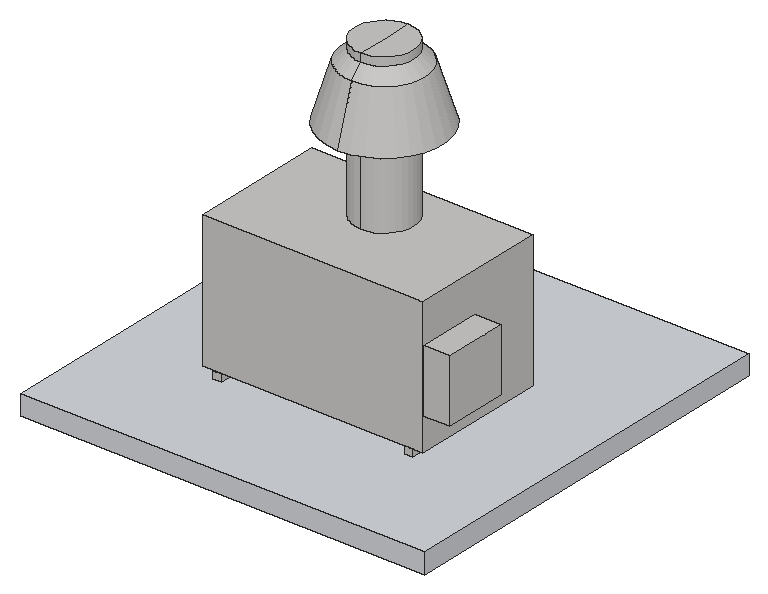
Revit family "DC_Rheem_PLM_Raypak_B0992ID", category Plumbing Fixtures, host Face, Revit 2020
Family settings
  Host = Face
  Round Connector Dimension = Use Radius
  Part Type = Normal
  Cut with Voids When Loaded = No
  Shared = No
  Room Calculation Point = No
Parameters (values of type "Raypak - Gas Water Heater- Indoor - 999 MJ/h  Natural gas, On/Off gas control")
  Width_ANZRS = 825 mm
  URL = "http://www.rheem.com.au/CommercialProducts"
  Type Comments = "Recovery 3870L/h @ 50°C rise\r\n"
  Materials_ANZRS = Raypak - Grey Powder Coated Steel
  PRV_ANZRS = 15 mm
  Model = "B0992NCO/ID\r\n"
  Manufacturer = "Raypak\r\n"
  HotWaterOutletRadius_ANZRS = 32.5 mm
  HotWaterOutletDiameter_ANZRS = HotWaterOutletRadius_ANZRS * 2  # 65 mm
  Height_ANZRS = 1810 mm
  GasInletRadius_ANZRS = 20 mm
  Gas Inlet Height_ANZRS = 410 mm
  GasInletDiameter_ANZRS = GasInletRadius_ANZRS * 2  # 40 mm
  DesignBy_ANZRS = "Design Content ©"
  Description = "Raypak - Gas Water Heater- Indoor - 999 MJ/h  Natural gas, On/Off gas control\r\n"
  Default Elevation = 0 mm
  ConnectionHeight_ANZRS = 755 mm
  ColdWaterInletRadius_ANZRS = 32.5 mm
  ColdWaterInletDiameter_ANZRS = ColdWaterInletRadius_ANZRS * 2  # 65 mm
  BoxHeight_ANZRS = 860 mm
  Author_ANZRS = "DM"
  Assembly Code = ""
Types (5, lengths in mm): name | URL | Type Comments | Model | GasInletRadius_ANZRS | GasInletDiameter_ANZRS | Description
  (no name) | "http://www.rheem.com.au/downloads/PDF/Raypak_Mechanical_Heating_Brochure_July_09.pdf\r\n" | "Recovery 3526L/h @ 50°C rise\r\n" | "B0992PCM/ID\r\n" | 10 | 20 | "Raypak - Gas Water Heater- Indoor - 933 MJ/h  Propane gas, modulating gas control\r\n"
  Raypak - Gas Water Heater- Indoor - 999 MJ/h  Natural gas, modulating gas control | "http://www.rheem.com.au/CommercialProducts" | "Recovery 3870L/h @ 50°C rise\r\n" | "B0992NCM/ID\r\n" | 20 | 40 | "Raypak - Gas Water Heater- Indoor - 999 MJ/h  Natural gas, modulating gas control"
  Raypak - Gas Water Heater- Indoor - 999 MJ/h  Natural gas, On/Off gas control | "http://www.rheem.com.au/CommercialProducts" | "Recovery 3870L/h @ 50°C rise\r\n" | "B0992NCO/ID\r\n" | 20 | 40 | "Raypak - Gas Water Heater- Indoor - 999 MJ/h  Natural gas, On/Off gas control\r\n"
  Raypak - Gas Water Heater- Indoor - 933 MJ/h  Propane gas, modulating gas control | "http://www.rheem.com.au/CommercialProducts" | "Recovery 3526L/h @ 50°C rise\r\n" | "B0992PCM/ID\r\n" | 10 | 20 | "Raypak - Gas Water Heater- Indoor - 933 MJ/h  Propane gas, modulating gas control\r\n"
  Raypak - Gas Water Heater- Indoor - 933 MJ/h  Propane gas, On/Off gas control | "http://www.rheem.com.au/CommercialProducts" | "Recovery 3526L/h @ 50°C rise\r\n" | "B0992PCO/ID\r\n" | 16 | 32 | "Raypak - Gas Water Heater- Indoor - 933 MJ/h  Propane gas, On/Off gas control\r\n"
Reference planes
  plane 1 "Center (Front/Back)": y = 0
  plane 2: z = 0
  plane 3 "Center (Left/Right)": x = 0
  plane 4 "H1": z = 1810
  plane 5 "H4": z = 860
  plane 6 "CD 1": z = 755
  plane 7 "CD 6": z = 410
  plane 8: y = 285
  plane 9: y = -540
  plane 10 "CD 2": y = 200
  plane 11 "CD 3": y = 135
  plane 12 "CD 4": y = -145
  plane 13 "CD 5": y = -410
  plane 14: y = 177.5
  plane 15: y = -177.5
  plane 16: x = -665
  plane 17: x = 665
  plane 18 "L6": x = -715
  plane 19 "L1": x = -600
  plane 20 "L2": x = -550
  plane 21 "L3": x = 554.8
  plane 22 "L4": x = 604.8
  plane 23 "H9": z = 45
  plane 24 "H8": z = 245
  plane 25 "H7": z = 625
  plane 26 "L5": x = 825
  plane 27 "H3": z = 1359.364
  plane 28 "W3": z = 1689.164
  plane 29 "H2": z = 1761.464
  plane 30: y = -155
Forms (mm)
  Extrusion 1, solid
    sketch origin (0, 0, 0) x (1, 0, 0) y (0, 1, 0)
      loop
        line (-1219.2, 1219.2) -> (-1219.2, -1219.2) -> (1219.2, -1219.2) -> (1219.2, 1219.2) -> (-1219.2, 1219.2)
    from 0 to -120
  Extrusion 2, solid, material "Raypak - Grey Powder Coated Steel" <- "Materials_ANZRS"
    sketch origin (0, 0, 0) x (1, 0, 0) y (0, 1, 0)
      loop
        line (-665, 285) -> (-665, -540) -> (665, -540) -> (665, 285) -> (-665, 285)
    from 45 to 860
  Revolve 3, solid, material "Raypak - Grey Powder Coated Steel" <- "Materials_ANZRS"
    sketch origin (0, 0, 0) x (0, 1, 0) y (0, 0, 1)
      loop
        line (0, 1810) -> (-177.5, 1810) -> (-177.5, 1761.464) -> (-248.249, 1689.164) -> (-349.079, 1359.364) -> (-177.5, 1359.364) -> (-177.5, 860) -> (0, 860) -> (0, 1810)
      axis (0, 1810) -> (0, 860)
    angle from 0 to 360
  Extrusion 4, void
    sketch origin (0, 0, 0) x (0, 1, 0) y (0, 0, 1)
      loop
        circle (200, 755) r 15
      loop
        circle (135, 755) r 32.5
      loop
        circle (-145, 755) r 32.5
    from -665 to -653.582
  Extrusion 5, solid, material "Raypak - Grey Powder Coated Steel" <- "Materials_ANZRS"
    sketch origin (0, 0, 0) x (0, 1, 0) y (0, 0, 1)
      loop
        circle (-410, 410) r 20
    from -715 to -665
  Extrusion 6, solid, material "Raypak - Grey Powder Coated Steel" <- "Materials_ANZRS"
    sketch origin (0, 0, 0) x (1, 0, 0) y (0, 0, 1)
      loop
        line (-550, 0) -> (-550, 45) -> (-600, 45) -> (-600, 0) -> (-550, 0)
      loop
        line (604.8, 0) -> (604.8, 45) -> (554.8, 45) -> (554.8, 0) -> (604.8, 0)
    from -285 to 540
  Extrusion 7, solid, material "Raypak - Grey Powder Coated Steel" <- "Materials_ANZRS"
    sketch origin (0, 0, 0) x (1, 0, 0) y (0, 0, 1)
      loop
        line (665, 625) -> (665, 245) -> (825, 245) -> (825, 625) -> (665, 625)
    from 155 to 540
Cuts and joins
  Extrusion 4 cuts Extrusion 2
Lines and regions (mm)
  Masking region 1
    outline origin (0, 0, 0) x (0, 1, 0) y (0, 0, 1)
      loop
        line (-177.5, 1810) -> (-177.5, 1761.464) -> (-248.249, 1689.164) -> (-349.079, 1359.364) -> (-177.5, 1359.364) -> (-177.5, 860) -> (-540, 860) -> (-540, 0) -> (285, 0) -> (285, 860) -> (177.5, 860) -> (177.5, 1359.364) -> (349.079, 1359.364) -> (248.249, 1689.164) -> (177.5, 1761.464) -> (177.5, 1810) -> (-177.5, 1810)
  Masking region 2
    outline origin (0, 0, 0) x (1, 0, 0) y (0, 0, 1)
      loop
        line (-177.5, 1810) -> (-177.5, 1761.464) -> (-248.249, 1689.164) -> (-349.079, 1359.364) -> (-177.039, 1359.364) -> (-177.039, 860) -> (-665, 860) -> (-665, 45) -> (-600, 45) -> (-600, 0) -> (-550, 0) -> (-550, 45) -> (554.8, 45) -> (554.8, 0) -> (604.8, 0) -> (604.8, 45) -> (665, 45) -> (665, 245) -> (825, 245) -> (825, 625) -> (665, 625) -> (665, 860) -> (174.539, 860) -> (174.539, 1359.364) -> (349.079, 1359.364) -> (248.249, 1689.164) -> (177.5, 1761.464) -> (177.5, 1810) -> (-177.5, 1810)
  Masking region 3
    outline origin (0, 0, 0) x (1, 0, 0) y (0, 1, 0)
      loop
        line (-665, -540) -> (665, -540) -> (825, -540) -> (825, -155) -> (665, -155) -> (665, 285) -> (201.572, 285)
        arc (201.572, 285) -> (105.756, 332.674) -> (0, 349.079) r 349.079
        arc (0, 349.079) -> (-105.756, 332.674) -> (-201.572, 285) r 349.079
        line (-201.572, 285) -> (-665, 285) -> (-665, -540)
  symbolic lines, style "Rheem Raypak", detail levels fine
    curve 1: line (0, 285, 0) -> (0, 285, 860)
    curve 2: line (0, 285, 860) -> (0, -540, 860)
    curve 3: line (0, -540, 860) -> (0, -540, 0)
    curve 4: line (0, -349.079, 1359.364) -> (0, 349.079, 1359.364)
    curve 5: line (0, -177.5, 1810) -> (0, 177.5, 1810)
    curve 6: line (0, 248.249, 1689.164) -> (0, -248.249, 1689.164)
    curve 7: line (0, 177.5, 1761.464) -> (0, -177.5, 1761.464)
    curve 8: arc (0, 102.5, 755) -> (0, 135, 722.5) -> (0, 167.5, 755) r 32.5
    curve 9: arc (0, 167.5, 755) -> (0, 135, 787.5) -> (0, 102.5, 755) r 32.5
    curve 10: arc (0, 185, 755) -> (0, 200, 740) -> (0, 215, 755) r 15
    curve 11: arc (0, 215, 755) -> (0, 200, 770) -> (0, 185, 755) r 15
    curve 12: arc (0, -177.5, 755) -> (0, -145, 722.5) -> (0, -112.5, 755) r 32.5
    curve 13: arc (0, -112.5, 755) -> (0, -145, 787.5) -> (0, -177.5, 755) r 32.5
    curve 14: arc (0, -390, 410) -> (0, -410, 390) -> (0, -430, 410) r 20
    curve 15: arc (0, -430, 410) -> (0, -410, 430) -> (0, -390, 410) r 20
    curve 16: line (0, 349.079, 1359.364) -> (0, 248.249, 1689.164)
    curve 17: line (0, -248.249, 1689.164) -> (0, -349.079, 1359.364)
    curve 18: line (0, 177.5, 1761.464) -> (0, 248.249, 1689.164)
    curve 19: line (0, -248.249, 1689.164) -> (0, -177.5, 1761.464)
    curve 20: line (0, -540, 45) -> (0, 285, 45)
    curve 21: line (0, -540, 0) -> (0, 285, 0)
    curve 22: line (-177.5, 0, 1810) -> (177.5, 0, 1810)
    curve 23: line (-177.5, 0, 1761.464) -> (177.5, 0, 1761.464)
    curve 24: line (-248.249, 0, 1689.164) -> (248.249, 0, 1689.164)
    curve 25: line (-349.079, 0, 1359.364) -> (349.079, 0, 1359.364)
    curve 26: line (665, 0, 860) -> (-665, 0, 860)
    curve 27: line (-665, 0, 45) -> (665, 0, 45)
    curve 28: line (554.8, 0, 0) -> (604.8, 0, 0)
    curve 29: line (-600, 0, 0) -> (-550, 0, 0)
    curve 30: line (825, 0, 625) -> (665, 0, 625)
    curve 31: line (665, 0, 245) -> (825, 0, 245)
    curve 32: line (825, 0, 245) -> (825, 0, 625)
    curve 33: line (174.539, 0, 1359.364) -> (174.539, 0, 860)
    curve 34: line (349.079, 0, 1359.364) -> (248.249, 0, 1689.164)
    curve 35: line (177.5, 0, 1810) -> (177.5, 0, 1761.464)
    curve 36: line (177.5, 0, 1761.464) -> (248.249, 0, 1689.164)
    curve 37: line (-177.5, 0, 1810) -> (-177.5, 0, 1761.464)
    curve 38: line (-349.079, 0, 1359.364) -> (-248.249, 0, 1689.164)
    curve 39: line (-248.249, 0, 1689.164) -> (-177.5, 0, 1761.464)
    curve 40: line (-177.039, 0, 1359.364) -> (-177.039, 0, 860)
    curve 41: line (-600, 0, 45) -> (-600, 0, 0)
    curve 42: line (-550, 0, 0) -> (-550, 0, 45)
    curve 43: line (604.8, 0, 0) -> (604.8, 0, 45)
    curve 44: line (554.8, 0, 45) -> (554.8, 0, 0)
    curve 45: line (-715, 0, 425) -> (-715, 0, 395)
    curve 46: line (-715, 0, 425) -> (-665, 0, 425)
    curve 47: line (-715, 0, 395) -> (-665, 0, 395)
    curve 48: arc (0, -349.079, 0) -> (349.079, 0, 0) -> (0, 349.079, 0) r 349.079
    curve 49: arc (0, 349.079, 0) -> (-349.079, 0, 0) -> (0, -349.079, 0) r 349.079
    curve 50: arc (0, -177.5, 0) -> (-177.5, 0, 0) -> (0, 177.5, 0) r 177.5
    curve 51: arc (0, -248.249, 0) -> (-248.249, 0, 0) -> (0, 248.249, 0) r 248.249
    curve 52: arc (0, 177.5, 0) -> (177.5, 0, 0) -> (0, -177.5, 0) r 177.5
    curve 53: arc (0, 248.249, 0) -> (248.249, 0, 0) -> (0, -248.249, 0) r 248.249
    curve 54: line (665, 285, 0) -> (201.572, 285, 0)
    curve 55: line (-665, 285, 0) -> (-665, -540, 0)
    curve 56: line (-665, -540, 0) -> (665, -540, 0)
    curve 57: line (665, -540, 0) -> (665, 285, 0)
    curve 58: line (825, -540, 0) -> (825, -155, 0)
    curve 59: line (825, -155, 0) -> (665, -155, 0)
    curve 60: line (665, -540, 0) -> (825, -540, 0)
    curve 61: line (-715, -395, 0) -> (-715, -425, 0)
    curve 62: line (-715, -395, 0) -> (-665, -395, 0)
    curve 63: line (-715, -425, 0) -> (-665, -425, 0)
    curve 64: line (0, 177.5, 1810) -> (0, 177.5, 1761.464)
    curve 65: line (0, -177.5, 1810) -> (0, -177.5, 1761.464)
    curve 66: line (0, 177.5, 1359.364) -> (0, 177.5, 860)
    curve 67: line (0, -177.5, 1359.364) -> (0, -177.5, 860)
    curve 68: line (-665, 0, 860) -> (-665, 0, 45)
    curve 69: line (665, 0, 45) -> (665, 0, 860)
    curve 70: line (-201.572, 285, 0) -> (-665, 285, 0)
Dimensions and locks
  "Height_ANZRS": plane 4 "H1" to level
  "BoxHeight_ANZRS": plane 5 "H4" to level
  "ConnectionHeight_ANZRS": plane 6 "CD 1" to Extrusion 1
  "Gas Inlet Height_ANZRS": plane 7 "CD 6" to level
  plane 8 to plane 9 = 825 mm
  plane 8 to plane 10 "CD 2" = 85 mm
  plane 8 to plane 11 "CD 3" = 150 mm
  plane 11 "CD 3" to plane 12 "CD 4" = 280 mm
  plane 13 "CD 5" to plane 9 = 130 mm
  equal spacing: plane 14, plane 1 "Center (Front/Back)", plane 15
  plane 14 to plane 15 = 355 mm
  plane 1 "Center (Front/Back)" to plane 9 = 540 mm
  locked: plane 18 "L6" to plane 16 at 50
  plane 19 "L1" to plane 16 = 65 mm
  plane 20 "L2" to plane 19 "L1" = 50 mm
  plane 17 to plane 22 "L4" = 60.2 mm
  plane 22 "L4" to plane 21 "L3" = 50 mm
  plane 23 "H9" to level = 45 mm
  plane 24 "H8" to level = 245 mm
  plane 25 "H7" to plane 24 "H8" = 380 mm
  plane 17 to plane 26 "L5" = 160 mm
  plane 4 "H1" to plane 29 "H2" to plane 28 "W3" = 48.536 mm locked, 72.3 mm locked
  equal spacing: plane 17, plane 3 "Center (Left/Right)", plane 16
  plane 17 to plane 16 = 1330 mm
  "GasInletRadius_ANZRS": radius of Extrusion 5 sketch curve
  "HotWaterOutletRadius_ANZRS": radius of Extrusion 4 sketch curve
  "ColdWaterInletRadius_ANZRS": radius of Extrusion 4 sketch curve
  "PRV_ANZRS": radius of Extrusion 4 sketch curve
  aligned and locked: plane 2 to Extrusion 1
  aligned and locked: level to Extrusion 1
  aligned and locked: plane 8 to Extrusion 2 sketch curve
  aligned and locked: plane 16 to Extrusion 2 sketch curve
  aligned and locked: plane 9 to Extrusion 2 sketch curve
  aligned and locked: plane 17 to Extrusion 2 sketch curve
  aligned and locked: plane 5 "H4" to Extrusion 2
  aligned and locked: plane 1 "Center (Front/Back)" to Revolve 3 sketch curve
  aligned and locked: plane 11 "CD 3" to Extrusion 4 sketch curve
  aligned and locked: plane 10 "CD 2" to Extrusion 4 sketch curve
  aligned and locked: plane 6 "CD 1" to Extrusion 4 sketch curve  (x3)
  aligned and locked: Extrusion 4 to plane 16
  aligned and locked: plane 7 "CD 6" to Extrusion 5 sketch curve
  aligned and locked: plane 13 "CD 5" to Extrusion 5 sketch curve
  aligned and locked: plane 16 to Extrusion 5
  aligned and locked: Extrusion 5 to plane 18 "L6"
  aligned and locked: Extrusion 2 to plane 23 "H9"
  aligned and locked: level to Extrusion 6 sketch curve  (x2)
  aligned and locked: Extrusion 6 sketch curve to plane 20 "L2"
  aligned and locked: Extrusion 6 sketch curve to plane 23 "H9"  (x2)
  aligned and locked: plane 19 "L1" to Extrusion 6 sketch curve
  aligned and locked: Extrusion 6 sketch curve to plane 22 "L4"
  aligned and locked: plane 21 "L3" to Extrusion 6 sketch curve
  aligned and locked: Extrusion 6 to plane 8
  aligned and locked: Extrusion 6 to plane 9
  aligned and locked: Extrusion 7 sketch curve to plane 25 "H7"
  aligned and locked: Extrusion 7 sketch curve to plane 26 "L5"
  aligned and locked: Extrusion 7 sketch curve to plane 24 "H8"
  aligned and locked: cut or joined group of Extrusion 2, Extrusion 4 to Extrusion 7 sketch curve
  aligned and locked: Extrusion 7 to plane 9
  aligned and locked: plane 12 "CD 4" to Extrusion 4 sketch curve
  aligned and locked: Revolve 3 sketch curve to plane 4 "H1"
  aligned and locked: plane 15 to Revolve 3 sketch curve  (x2)
  aligned and locked: plane 5 "H4" to Revolve 3 sketch curve
  aligned and locked: plane 27 "H3" to Revolve 3 sketch curve
  aligned and locked: plane 29 "H2" to Revolve 3 sketch curve
  aligned and locked: plane 28 "W3" to Revolve 3 sketch curve
  aligned and locked: curve 1 to cut or joined group of Extrusion 2, Extrusion 4
  aligned and locked: curve 2 to cut or joined group of Extrusion 2, Extrusion 4
  aligned and locked: curve 3 to cut or joined group of Extrusion 2, Extrusion 4
  aligned and locked: curve 4 to Revolve 3
  aligned and locked: curve 5 to Revolve 3
  aligned and locked: curve 6 to Revolve 3
  aligned and locked: curve 7 to Revolve 3
  aligned and locked: curve 8 to cut or joined group of Extrusion 2, Extrusion 4
  aligned and locked: curve 9 to cut or joined group of Extrusion 2, Extrusion 4
  aligned and locked: curve 10 to cut or joined group of Extrusion 2, Extrusion 4
  aligned and locked: curve 11 to cut or joined group of Extrusion 2, Extrusion 4
  aligned and locked: curve 12 to cut or joined group of Extrusion 2, Extrusion 4
  aligned and locked: curve 13 to cut or joined group of Extrusion 2, Extrusion 4
  aligned and locked: curve 14 to Extrusion 5
  aligned and locked: curve 15 to Extrusion 5
  aligned and locked: curve 17 to Revolve 3
  aligned and locked: Revolve 3 to curve 19
  aligned and locked: curve 20 to cut or joined group of Extrusion 2, Extrusion 4
  aligned and locked: curve 21 to Extrusion 6
  aligned and locked: curve 22 to Revolve 3
  aligned and locked: curve 23 to plane 29 "H2"
  aligned and locked: curve 24 to plane 28 "W3"
  aligned and locked: curve 25 to Revolve 3
  aligned and locked: curve 26 to cut or joined group of Extrusion 2, Extrusion 4
  aligned and locked: curve 27 to cut or joined group of Extrusion 2, Extrusion 4
  aligned and locked: curve 28 to Extrusion 6
  aligned and locked: curve 29 to Extrusion 6
  aligned and locked: curve 30 to Extrusion 7
  aligned and locked: curve 31 to Extrusion 7
  aligned and locked: curve 32 to Extrusion 7
  aligned and locked: plane 5 "H4" to curve 40
  aligned and locked: plane 27 "H3" to curve 40
  aligned and locked: curve 41 to Extrusion 6
  aligned and locked: curve 42 to Extrusion 6
  aligned and locked: curve 43 to Extrusion 6
  aligned and locked: curve 44 to Extrusion 6
  aligned and locked: Extrusion 5 to curve 45
  aligned and locked: curve 48 to Revolve 3
  aligned and locked: curve 49 to Revolve 3
  aligned and locked: curve 50 to Revolve 3
  aligned and locked: curve 51 to Revolve 3
  aligned and locked: curve 52 to Revolve 3
  aligned and locked: curve 53 to Revolve 3
  aligned and locked: curve 54 to cut or joined group of Extrusion 2, Extrusion 4
  aligned and locked: curve 55 to cut or joined group of Extrusion 2, Extrusion 4
  aligned and locked: curve 56 to cut or joined group of Extrusion 2, Extrusion 4
  aligned and locked: curve 57 to cut or joined group of Extrusion 2, Extrusion 4
  aligned and locked: curve 58 to Extrusion 7
  aligned and locked: curve 59 to Extrusion 7
  aligned and locked: curve 60 to Extrusion 7
  aligned and locked: Extrusion 5 to curve 61
  aligned and locked: curve 64 to Revolve 3
  aligned and locked: curve 65 to Revolve 3
  aligned and locked: plane 14 to curve 66
  aligned and locked: curve 67 to plane 15
  aligned and locked: Masking region 1 sketch curve to curve 5
  aligned and locked: Masking region 1 sketch curve to curve 64
  aligned and locked: Masking region 1 sketch curve to curve 18
  aligned and locked: Masking region 1 sketch curve to curve 16
  aligned and locked: Masking region 1 sketch curve to curve 4
  aligned and locked: Masking region 1 sketch curve to curve 66
  aligned and locked: Masking region 1 sketch curve to curve 2
  aligned and locked: Masking region 1 sketch curve to curve 1
  aligned and locked: Masking region 1 sketch curve to curve 21
  aligned and locked: Masking region 1 sketch curve to curve 3
  aligned and locked: Masking region 1 sketch curve to curve 67
  aligned and locked: Masking region 1 sketch curve to curve 65
  aligned and locked: Masking region 1 sketch curve to curve 19
  aligned and locked: Masking region 1 sketch curve to curve 17
  aligned and locked: Masking region 2 sketch curve to curve 22
  aligned and locked: Masking region 2 sketch curve to curve 37
  aligned and locked: Masking region 2 sketch curve to curve 39
  aligned and locked: Masking region 2 sketch curve to curve 38
  aligned and locked: Masking region 2 sketch curve to curve 35
  aligned and locked: Masking region 2 sketch curve to curve 36
  aligned and locked: Masking region 2 sketch curve to curve 34
  aligned and locked: Masking region 2 sketch curve to curve 25
  aligned and locked: Masking region 2 sketch curve to curve 40
  aligned and locked: Masking region 2 sketch curve to curve 33
  aligned and locked: Masking region 2 sketch curve to curve 26
  aligned and locked: Masking region 2 sketch curve to curve 68
  aligned and locked: Masking region 2 sketch curve to curve 27
  aligned and locked: Masking region 2 sketch curve to curve 41
  aligned and locked: Masking region 2 sketch curve to curve 29
  aligned and locked: Masking region 2 sketch curve to curve 42
  aligned and locked: Masking region 2 sketch curve to curve 44
  aligned and locked: Masking region 2 sketch curve to curve 28
  aligned and locked: Masking region 2 sketch curve to curve 43
  aligned and locked: Masking region 2 sketch curve to curve 69
  aligned and locked: Masking region 2 sketch curve to curve 31
  aligned and locked: Masking region 2 sketch curve to curve 32
  aligned and locked: Masking region 2 sketch curve to curve 30
  aligned and locked: Masking region 3 sketch curve to curve 56
  aligned and locked: Masking region 3 sketch curve to curve 60
  aligned and locked: Masking region 3 sketch curve to curve 58
  aligned and locked: Masking region 3 sketch curve to curve 59
  aligned and locked: curve 57 to Masking region 3 sketch curve
  aligned and locked: Masking region 3 sketch curve to curve 54
  aligned and locked: Masking region 3 sketch curve to curve 49
  aligned and locked: Masking region 3 sketch curve to curve 48
  aligned and locked: Masking region 3 sketch curve to curve 70
  aligned and locked: Masking region 3 sketch curve to curve 55
Automatic sketch dimensions
  Extrusion 1 sketch curve to Extrusion 1 sketch curve = 2438.4 mm  (x2)
  Revolve 3 sketch curve to plane 1 "Center (Front/Back)" = 0 mm
  Revolve 3 sketch curve to plane 15 = 70.749 mm
  Revolve 3 sketch curve to plane 13 "CD 5" = 60.921 mm
  Revolve 3 sketch curve to Revolve 3 sketch curve = 310 mm
  Revolve 3 sketch curve to Revolve 3 sketch curve = 130 mm
  curve 3 to level = 0 mm
  curve 3 to plane 9 = 0 mm
  curve 17 to plane 27 "H3" = 0 mm
  curve 17 to plane 28 "W3" = 0 mm
  curve 5 to plane 4 "H1" = 0 mm
  curve 65 to plane 15 = 0 mm
  curve 64 to plane 14 = 0 mm
  curve 2 to plane 8 = 0 mm
  curve 19 to plane 29 "H2" = 0 mm
  curve 17 to plane 13 "CD 5" = 60.921 mm
  curve 17 to plane 15 = 70.749 mm
  plane 8 to curve 16 = 36.751 mm
  curve 16 to plane 8 = 64.079 mm
  curve 66 to plane 4 "H1" = 450.636 mm
  curve 67 to plane 5 "H4" = 0 mm
  curve 67 to plane 4 "H1" = 450.636 mm
  Masking region 1 sketch curve to plane 27 "H3" = 0 mm
  Masking region 1 sketch curve to plane 5 "H4" = 0 mm
  curve 45 to plane 18 "L6" = 0 mm
  curve 46 to plane 16 = 0 mm
  curve 29 to level = 0 mm
  curve 29 to plane 19 "L1" = 0 mm
  curve 42 to plane 20 "L2" = 0 mm
  curve 22 to plane 3 "Center (Left/Right)" = 177.5 mm
  curve 35 to plane 4 "H1" = 0 mm
  curve 28 to level = 0 mm
  curve 28 to plane 21 "L3" = 0 mm
  curve 43 to plane 22 "L4" = 0 mm
  plane 17 to curve 26 = 0 mm
  curve 32 to plane 25 "H7" = 0 mm
  curve 32 to plane 26 "L5" = 0 mm
  curve 44 to plane 23 "H9" = 0 mm
  curve 31 to plane 24 "H8" = 0 mm
  plane 20 "L2" to curve 38 = 200.921 mm
  curve 24 to curve 37 = 70.749 mm
  curve 25 to curve 40 = 172.039 mm
  plane 3 "Center (Left/Right)" to curve 33 = 174.539 mm
  plane 3 "Center (Left/Right)" to curve 35 = 177.5 mm
  curve 23 to curve 34 = 70.749 mm
  curve 33 to curve 25 = 174.539 mm
  curve 47 to plane 7 "CD 6" = 15 mm
  plane 7 "CD 6" to curve 46 = 15 mm
  Masking region 2 sketch curve to plane 5 "H4" = 0 mm
  Masking region 2 sketch curve to plane 27 "H3" = 0 mm
  Masking region 2 sketch curve to plane 23 "H9" = 0 mm  (x2)
  plane 17 to Masking region 2 sketch curve = 0 mm
  curve 61 to plane 18 "L6" = 0 mm
  curve 62 to plane 16 = 0 mm
  plane 8 to curve 70 = 0 mm
  plane 8 to curve 54 = 0 mm
  curve 54 to plane 17 = 0 mm
  plane 1 "Center (Front/Back)" to curve 59 = 155 mm
  curve 59 to plane 26 "L5" = 0 mm
  curve 57 to plane 9 = 0 mm
  plane 13 "CD 5" to curve 63 = 15 mm
  curve 62 to plane 13 "CD 5" = 15 mm
  Masking region 3 sketch curve to plane 17 = 0 mm
Connectors
  piping at (-665, 135, 755), diameter 65, driven by "HotWaterOutletRadius_ANZRS"
    settings: on cut or joined group of Extrusion 2, Extrusion 4, index 1, connector inside diameter 2.55906", connector length 0 mm, flow factor 0, pipe flow 0 GPM, pressure drop 0.00 psi, fitting loss kfactor 0, connector angle 0.00°, fixture units 0, engagement length 0 mm, angle of deflection 0.00°, flow configuration 1, flow direction 2, fitting loss method 0, system type 19, joint type 0, gender type 0, connector reference index -1, connector utility 0, adjustable connector no, is connector primary yes, connector description ""
  piping at (-665, -145, 755), diameter 65, driven by "ColdWaterInletRadius_ANZRS"
    settings: on cut or joined group of Extrusion 2, Extrusion 4, index 2, connector inside diameter 2.55906", connector length 0 mm, flow factor 0, pipe flow 0 GPM, pressure drop 0.00 psi, fitting loss kfactor 0, connector angle 0.00°, fixture units 0, engagement length 0 mm, angle of deflection 0.00°, flow configuration 1, flow direction 1, fitting loss method 0, system type 20, joint type 0, gender type 0, connector reference index -1, connector utility 0, adjustable connector no, is connector primary no, connector description ""
  piping at (-715, -410, 410), diameter 40, driven by "GasInletRadius_ANZRS"
    settings: on Extrusion 5, index 3, connector inside diameter 0.7874", connector length 0 mm, flow factor 0, pipe flow 0 GPM, pressure drop 0.00 psi, fitting loss kfactor 0, connector angle 0.00°, fixture units 0, engagement length 0 mm, angle of deflection 0.00°, flow configuration 1, flow direction 1, fitting loss method 0, system type 22, joint type 0, gender type 0, connector reference index -1, connector utility 0, adjustable connector no, is connector primary no, connector description "Gas"
  piping at (-665, 200, 755), diameter 30
    settings: on cut or joined group of Extrusion 2, Extrusion 4, index 4, connector inside diameter 1.1811", connector length 0 mm, flow factor 0, pipe flow 0 GPM, pressure drop 0.00 psi, fitting loss kfactor 0, connector angle 0.00°, fixture units 0, engagement length 0 mm, angle of deflection 0.00°, flow configuration 1, flow direction 2, fitting loss method 0, system type 22, joint type 0, gender type 0, connector reference index -1, connector utility 0, adjustable connector no, is connector primary no, connector description "PRV"
